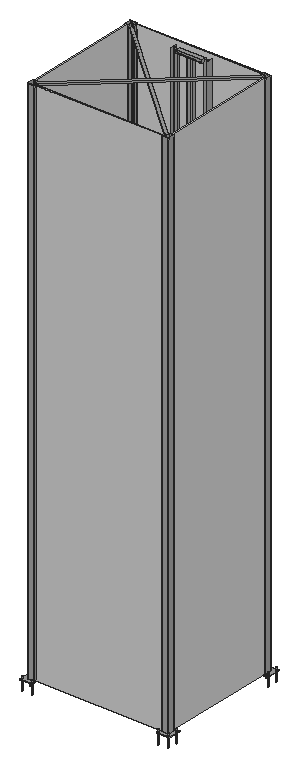
Revit family "1SE_Trez_TC_T_500_With_Pit", category Specialty Equipment, Revit 2019
Family settings
  Round Connector Dimension = Use Diameter
  Part Type = Normal
  Work Plane-Based = No
  Always vertical = Yes
  Cut with Voids When Loaded = Yes
  Shared = No
  Room Calculation Point = No
Parameters (values of type "Platform-1800x1400mm with Door Height 2500mm")
  Side Clearance = 105.0 mm  # constant formula
  Safe Working Load = 500.00 kg  # constant formula
  Safe Space = if(Cabin or Platform = Cabin, 900.0 mm, if(and(Cabin or Platform = Platform, Door Clear Height > 1900.0 mm), 600.0 mm, 0.0 mm))  # 600.0 mm
  Platform = Speciality_Equipment_Trez_Platform_Sgl_C : Platform
  Door Clear Width = Real Width  # 1800.0 mm
  Door Clear Height = 2500.0 mm
  D-Side = yes
  Clear Width = 1800.0 mm
  URL = "https://trez.bg/en/products/goods-only-lift-tc/tc-t-tower/"
  Tower Width = Real Width + 2 * Side Clearance  # 2010.0 mm
  Tower Depth = Real Depth + Side Clearance + Clearance  # 1830.0 mm
  Tower Cladding Material = TREZ_Steel_Cladding
  Real Width = if(Clear Width < 750.0 mm, 750.0 mm, if(Clear Width > 1800.0 mm, 1800.0 mm, Clear Width))  # 1800.0 mm
  Real Depth = if(Clear Depth < 800.0 mm, 800.0 mm, if(Clear Depth > 1400.0 mm, 1400.0 mm, Clear Depth))  # 1400.0 mm
  Profiles Material = TREZ_Steel
  Platform Material = TREZ_Steel
  Pit Height = 120.0 mm  # constant formula
  Travel = 4500.0 mm
  Rail Height = Travel + Pit Height + Headroom  # 7720.0 mm
  Model = "TC T 500"
  Manufacturer = "TREZ Ltd."
  Headroom = Door Clear Height + Safe Space  # 3100.0 mm
  Description = "TC T is the best choice when the budget is small, but the safety requirements are high. TC T is not fixed forever to the building. It can be installed directly on the ground floor and later dismounted and installed in another place. The TC T complies with the machinery directive 2006/42/EC. From the menu below, you can choose the lift and the tower options to fit perfectly for your project."  # constant formula
  Clear Depth = 1400.0 mm
  Created By URL = "https://all1studio.com/"
  Created By = "All 1 Studio Ltd."
  Clearance = 325.0 mm  # constant formula
  Cabin or Platform = Speciality_Equipment_Trez_Platform_Sgl_C : Platform
  Cabin = Speciality_Equipment_Trez_Cabin_Sgl_C : Cabin
  C-Side = 1 = 1  # yes
  B-Side = yes
  A-Side = no
Reference planes
  plane 1 "Center (Front/Back)": y = 0
  plane 2: z = 0
  plane 3 "Center (Left/Right)": x = 0
  plane 4: x = -900
  plane 5: x = 900
  plane 6: y = 700
  plane 7: y = -700
  plane 8: x = 1005
  plane 9: y = 1025
  plane 10: x = -1005
  plane 11: y = -805
  plane 12: x = 950
  plane 13: x = -950
  plane 14: y = 970
  plane 15: y = -750
  plane 16: z = 4500
  plane 17 "Top of Lift": z = 7600
  plane 18 "Pit": z = -120
  plane 19: x = -958.5
  plane 20: x = 958.5
  plane 21: x = -989.032
  plane 22: x = -971.032
  plane 23: y = 1009
  plane 24: y = 991
  plane 25: x = 989
  plane 26: x = 971
  plane 27: y = -789
  plane 28: y = -771
  plane 29: x = -1065
  plane 30: y = 1085
  plane 31: x = 1065
  plane 32: y = -865
  plane 33: z = 7540
  plane 34: z = 40
  plane 35: z = -145
  plane 36: y = 838.5
  plane 37: y = 1235
  plane 38: x = -900
  plane 39: y = -700
  plane 40: x = 900
  plane 41: y = 920
Forms (mm)
  Extrusion 1, solid, material "TREZ_Steel_Cladding" <- "Tower Cladding Material", detail levels coarse+medium
    sketch origin (0, 0, 0) x (1, 0, 0) y (0, 1, 0)
      loop
        line (-1005, -805) -> (-900, -805) -> (-900, -789) -> (900, -789) -> (900, -805) -> (1005, -805) -> (1005, -700) -> (989, -700) -> (989, 920) -> (1005, 920) -> (1005, 1025) -> (900, 1025) -> (900, 1009) -> (-900, 1009) -> (-900, 1025) -> (-1005, 1025) -> (-1005, 920) -> (-989.032, 920) -> (-989.032, -700) -> (-1005, -700) -> (-1005, -805)
      loop
        line (-950, -750) -> (-900, -750) -> (-900, -771) -> (900, -771) -> (900, -750) -> (950, -750) -> (950, -700) -> (971, -700) -> (971, 920) -> (950, 920) -> (950, 970) -> (900, 970) -> (900, 991) -> (-900, 991) -> (-900, 970) -> (-950, 970) -> (-950, 920) -> (-971.032, 920) -> (-971.032, -700) -> (-950, -700) -> (-950, -750)
    from 0 to 7600
  Extrusion 2, void
    sketch origin (0, 0, 0) x (1, 0, 0) y (0, 1, 0)
      loop
        line (-950, 970) -> (-950, -750) -> (950, -750) -> (950, 970) -> (-950, 970)
    from 0 to -120
  Extrusion 3, solid, material "TREZ_Steel" <- "Profiles Material", detail levels fine
    sketch origin (0, 0, 0) x (1, 0, 0) y (0, 1, 0)
      loop
        arc (-1005, -798) -> (-1002.95, -802.95) -> (-998, -805) r 7
        line (-998, -805) -> (-907, -805)
        arc (-907, -805) -> (-902.05, -802.95) -> (-900, -798) r 7
        line (-900, -798) -> (-900, -757)
        arc (-900, -757) -> (-902.05, -752.05) -> (-907, -750) r 7
        line (-907, -750) -> (-943, -750)
        arc (-943, -750) -> (-947.95, -747.95) -> (-950, -743) r 7
        line (-950, -743) -> (-950, -707)
        arc (-950, -707) -> (-952.05, -702.05) -> (-957, -700) r 7
        line (-957, -700) -> (-998, -700)
        arc (-998, -700) -> (-1002.95, -702.05) -> (-1005, -707) r 7
        line (-1005, -707) -> (-1005, -798)
      loop
        line (-903, -798) -> (-903, -757)
        arc (-903, -757) -> (-904.172, -754.172) -> (-907, -753) r 4
        line (-907, -753) -> (-943, -753)
        arc (-943, -753) -> (-950.071, -750.071) -> (-953, -743) r 10
        line (-953, -743) -> (-953, -707)
        arc (-953, -707) -> (-954.172, -704.172) -> (-957, -703) r 4
        line (-957, -703) -> (-998, -703)
        arc (-998, -703) -> (-1000.828, -704.172) -> (-1002, -707) r 4
        line (-1002, -707) -> (-1002, -798)
        arc (-1002, -798) -> (-1000.828, -800.828) -> (-998, -802) r 4
        line (-998, -802) -> (-907, -802)
        arc (-907, -802) -> (-904.172, -800.828) -> (-903, -798) r 4
      loop
        line (1005, -798) -> (1005, -707)
        arc (1005, -707) -> (1002.95, -702.05) -> (998, -700) r 7
        line (998, -700) -> (957, -700)
        arc (957, -700) -> (952.05, -702.05) -> (950, -707) r 7
        line (950, -707) -> (950, -743)
        arc (950, -743) -> (947.95, -747.95) -> (943, -750) r 7
        line (943, -750) -> (907, -750)
        arc (907, -750) -> (902.05, -752.05) -> (900, -757) r 7
        line (900, -757) -> (900, -798)
        arc (900, -798) -> (902.05, -802.95) -> (907, -805) r 7
        line (907, -805) -> (998, -805)
        arc (998, -805) -> (1002.95, -802.95) -> (1005, -798) r 7
      loop
        arc (903, -798) -> (904.172, -800.828) -> (907, -802) r 4
        line (907, -802) -> (998, -802)
        arc (998, -802) -> (1000.828, -800.828) -> (1002, -798) r 4
        line (1002, -798) -> (1002, -707)
        arc (1002, -707) -> (1000.828, -704.172) -> (998, -703) r 4
        line (998, -703) -> (957, -703)
        arc (957, -703) -> (954.172, -704.172) -> (953, -707) r 4
        line (953, -707) -> (953, -743)
        arc (953, -743) -> (950.071, -750.071) -> (943, -753) r 10
        line (943, -753) -> (907, -753)
        arc (907, -753) -> (904.172, -754.172) -> (903, -757) r 4
        line (903, -757) -> (903, -798)
      loop
        line (-1005, 1018) -> (-1005, 927)
        arc (-1005, 927) -> (-1002.95, 922.05) -> (-998, 920) r 7
        line (-998, 920) -> (-957, 920)
        arc (-957, 920) -> (-952.05, 922.05) -> (-950, 927) r 7
        line (-950, 927) -> (-950, 963)
        arc (-950, 963) -> (-947.95, 967.95) -> (-943, 970) r 7
        line (-943, 970) -> (-907, 970)
        arc (-907, 970) -> (-902.05, 972.05) -> (-900, 977) r 7
        line (-900, 977) -> (-900, 1018)
        arc (-900, 1018) -> (-902.05, 1022.95) -> (-907, 1025) r 7
        line (-907, 1025) -> (-998, 1025)
        arc (-998, 1025) -> (-1002.95, 1022.95) -> (-1005, 1018) r 7
      loop
        arc (-903, 1018) -> (-904.172, 1020.828) -> (-907, 1022) r 4
        line (-907, 1022) -> (-998, 1022)
        arc (-998, 1022) -> (-1000.828, 1020.828) -> (-1002, 1018) r 4
        line (-1002, 1018) -> (-1002, 927)
        arc (-1002, 927) -> (-1000.828, 924.172) -> (-998, 923) r 4
        line (-998, 923) -> (-957, 923)
        arc (-957, 923) -> (-954.172, 924.172) -> (-953, 927) r 4
        line (-953, 927) -> (-953, 963)
        arc (-953, 963) -> (-950.071, 970.071) -> (-943, 973) r 10
        line (-943, 973) -> (-907, 973)
        arc (-907, 973) -> (-904.172, 974.172) -> (-903, 977) r 4
        line (-903, 977) -> (-903, 1018)
      loop
        arc (1005, 1018) -> (1002.95, 1022.95) -> (998, 1025) r 7
        line (998, 1025) -> (907, 1025)
        arc (907, 1025) -> (902.05, 1022.95) -> (900, 1018) r 7
        line (900, 1018) -> (900, 977)
        arc (900, 977) -> (902.05, 972.05) -> (907, 970) r 7
        line (907, 970) -> (943, 970)
        arc (943, 970) -> (947.95, 967.95) -> (950, 963) r 7
        line (950, 963) -> (950, 927)
        arc (950, 927) -> (952.05, 922.05) -> (957, 920) r 7
        line (957, 920) -> (998, 920)
        arc (998, 920) -> (1002.95, 922.05) -> (1005, 927) r 7
        line (1005, 927) -> (1005, 1018)
      loop
        line (903, 1018) -> (903, 977)
        arc (903, 977) -> (904.172, 974.172) -> (907, 973) r 4
        line (907, 973) -> (943, 973)
        arc (943, 973) -> (950.071, 970.071) -> (953, 963) r 10
        line (953, 963) -> (953, 927)
        arc (953, 927) -> (954.172, 924.172) -> (957, 923) r 4
        line (957, 923) -> (998, 923)
        arc (998, 923) -> (1000.828, 924.172) -> (1002, 927) r 4
        line (1002, 927) -> (1002, 1018)
        arc (1002, 1018) -> (1000.828, 1020.828) -> (998, 1022) r 4
        line (998, 1022) -> (907, 1022)
        arc (907, 1022) -> (904.172, 1020.828) -> (903, 1018) r 4
    from 5 to 7600
  Extrusion 4, solid, material "TREZ_Steel_Cladding" <- "Tower Cladding Material", detail levels fine
    sketch origin (0, 0, 0) x (1, 0, 0) y (0, 1, 0)
      loop
        line (989, 920) -> (971, 920) -> (971, -700) -> (989, -700) -> (989, 920)
      loop
        line (900, 1009) -> (-900, 1009) -> (-900, 991) -> (900, 991) -> (900, 1009)
      loop
        line (900, -771) -> (-900, -771) -> (-900, -789) -> (900, -789) -> (900, -771)
      loop
        line (-971.032, -700) -> (-971.032, 920) -> (-989.032, 920) -> (-989.032, -700) -> (-971.032, -700)
    from 0 to 7600
  Extrusion 5, solid, material "TREZ_Steel" <- "Profiles Material", detail levels fine
    sketch origin (0, 0, 0) x (1, 0, 0) y (0, 1, 0)
      loop
        arc (-887, -865) -> (-882.05, -862.95) -> (-880, -858) r 7
        line (-880, -858) -> (-880, -805) -> (-900, -805) -> (-900, -750) -> (-950, -750) -> (-950, -700) -> (-1005, -700) -> (-1005, -680) -> (-1058, -680)
        arc (-1058, -680) -> (-1062.95, -682.05) -> (-1065, -687) r 7
        line (-1065, -687) -> (-1065, -858)
        arc (-1065, -858) -> (-1062.95, -862.95) -> (-1058, -865) r 7
        line (-1058, -865) -> (-887, -865)
      loop
        line (887, -865) -> (1058, -865)
        arc (1058, -865) -> (1062.95, -862.95) -> (1065, -858) r 7
        line (1065, -858) -> (1065, -687)
        arc (1065, -687) -> (1062.95, -682.05) -> (1058, -680) r 7
        line (1058, -680) -> (1005, -680) -> (1005, -700) -> (950, -700) -> (950, -750) -> (900, -750) -> (900, -805) -> (880, -805) -> (880, -858)
        arc (880, -858) -> (882.05, -862.95) -> (887, -865) r 7
      loop
        line (-887, 1085) -> (-1058, 1085)
        arc (-1058, 1085) -> (-1062.95, 1082.95) -> (-1065, 1078) r 7
        line (-1065, 1078) -> (-1065, 907)
        arc (-1065, 907) -> (-1062.95, 902.05) -> (-1058, 900) r 7
        line (-1058, 900) -> (-1005, 900) -> (-1005, 920) -> (-950, 920) -> (-950, 970) -> (-900, 970) -> (-900, 1025) -> (-880, 1025) -> (-880, 1078)
        arc (-880, 1078) -> (-882.05, 1082.95) -> (-887, 1085) r 7
      loop
        arc (887, 1085) -> (882.05, 1082.95) -> (880, 1078) r 7
        line (880, 1078) -> (880, 1025) -> (900, 1025) -> (900, 970) -> (950, 970) -> (950, 920) -> (1005, 920) -> (1005, 900) -> (1058, 900)
        arc (1058, 900) -> (1062.95, 902.05) -> (1065, 907) r 7
        line (1065, 907) -> (1065, 1078)
        arc (1065, 1078) -> (1062.95, 1082.95) -> (1058, 1085) r 7
        line (1058, 1085) -> (887, 1085)
    from 5 to 0
  Sweep 6, solid, material "TREZ_Steel" <- "Profiles Material", detail levels fine
    path origin (0, 0, 7600) x (-1, 0, 0) y (0, -1, 0)
      loop
        line (950, 750) -> (-950, -970)
    profile origin (0, 110, 7600) x (-0.671118, 0.741351, 0) y (0, 0, 1)
      loop
        line (15, 0) -> (-15, 0) -> (-15, -30) -> (15, -30) -> (15, 0)
  Sweep 7, solid, material "TREZ_Steel" <- "Profiles Material", detail levels fine
    path origin (0, 0, 7600) x (-1, 0, 0) y (0, -1, 0)
      loop
        line (950, -970) -> (-950, 750)
    profile origin (0, 110, 7600) x (0.671118, 0.741351, 0) y (0, 0, 1)
      loop
        line (-15, -60) -> (15, -60) -> (15, -30) -> (-15, -30) -> (-15, -60)
  Extrusion 8, void
    sketch origin (0, 0, 7600) x (-1, 0, 0) y (0, -1, 0)
      loop
        arc (957, -705) -> (952.05, -707.05) -> (950, -712) r 7
        line (950, -712) -> (950, -963)
        arc (950, -963) -> (947.95, -967.95) -> (943, -970) r 7
        line (943, -970) -> (907, -970)
        arc (907, -970) -> (902.05, -972.05) -> (900, -977) r 7
        line (900, -977) -> (900, -1018)
        arc (900, -1018) -> (902.05, -1022.95) -> (907, -1025) r 7
        line (907, -1025) -> (998, -1025)
        arc (998, -1025) -> (1002.95, -1022.95) -> (1005, -1018) r 7
        line (1005, -1018) -> (1005, -712)
        arc (1005, -712) -> (1002.95, -707.05) -> (998, -705) r 7
        line (998, -705) -> (957, -705)
      loop
        arc (-900, -977) -> (-902.05, -972.05) -> (-907, -970) r 7
        line (-907, -970) -> (-943, -970)
        arc (-943, -970) -> (-947.95, -967.95) -> (-950, -963) r 7
        line (-950, -963) -> (-950, -712)
        arc (-950, -712) -> (-952.05, -707.05) -> (-957, -705) r 7
        line (-957, -705) -> (-998, -705)
        arc (-998, -705) -> (-1002.95, -707.05) -> (-1005, -712) r 7
        line (-1005, -712) -> (-1005, -1018)
        arc (-1005, -1018) -> (-1002.95, -1022.95) -> (-998, -1025) r 7
        line (-998, -1025) -> (-907, -1025)
        arc (-907, -1025) -> (-902.05, -1022.95) -> (-900, -1018) r 7
        line (-900, -1018) -> (-900, -977)
      loop
        arc (-957, 665) -> (-952.05, 667.05) -> (-950, 672) r 7
        line (-950, 672) -> (-950, 743)
        arc (-950, 743) -> (-947.95, 747.95) -> (-943, 750) r 7
        line (-943, 750) -> (-907, 750)
        arc (-907, 750) -> (-902.05, 752.05) -> (-900, 757) r 7
        line (-900, 757) -> (-900, 798)
        arc (-900, 798) -> (-902.05, 802.95) -> (-907, 805) r 7
        line (-907, 805) -> (-998, 805)
        arc (-998, 805) -> (-1002.95, 802.95) -> (-1005, 798) r 7
        line (-1005, 798) -> (-1005, 672)
        arc (-1005, 672) -> (-1002.95, 667.05) -> (-998, 665) r 7
        line (-998, 665) -> (-957, 665)
      loop
        arc (950, 672) -> (952.05, 667.05) -> (957, 665) r 7
        line (957, 665) -> (998, 665)
        arc (998, 665) -> (1002.95, 667.05) -> (1005, 672) r 7
        line (1005, 672) -> (1005, 798)
        arc (1005, 798) -> (1002.95, 802.95) -> (998, 805) r 7
        line (998, 805) -> (907, 805)
        arc (907, 805) -> (902.05, 802.95) -> (900, 798) r 7
        line (900, 798) -> (900, 757)
        arc (900, 757) -> (902.05, 752.05) -> (907, 750) r 7
        line (907, 750) -> (943, 750)
        arc (943, 750) -> (947.95, 747.95) -> (950, 743) r 7
        line (950, 743) -> (950, 672)
    from -60 to 0
  Extrusion 9, solid, material "TREZ_Steel" <- "Profiles Material", detail levels fine
    sketch origin (0, 0, 0) x (1, 0, 0) y (0, 1, 0)
      loop
        circle (-1040.697, -849.303) r 6
      loop
        circle (-895.697, -849.303) r 6
      loop
        circle (-1040.697, -704.303) r 6
      loop
        circle (1040.697, -849.303) r 6
      loop
        circle (895.697, -849.303) r 6
      loop
        circle (1040.697, -704.303) r 6
      loop
        circle (-1040.697, 1069.303) r 6
      loop
        circle (-895.697, 1069.303) r 6
      loop
        circle (-1040.697, 924.303) r 6
      loop
        circle (1040.697, 1069.303) r 6
      loop
        circle (895.697, 1069.303) r 6
      loop
        circle (1040.697, 924.303) r 6
    from -145 to 40
Cuts and joins
  Extrusion 2 cuts Extrusion 1
  Extrusion 8 cuts Sweep 6
  Extrusion 8 cuts Sweep 7
  joined: Extrusion 5, Extrusion 9
Lines and regions (mm)
  symbolic lines, style "Profiles"
    curve 1: line (-1005, 1025, 0) -> (-900, 1025, 0)
    curve 2: line (-900, 1025, 0) -> (-900, 970, 0)
    curve 3: line (-900, 970, 0) -> (-950, 970, 0)
    curve 4: line (-950, 970, 0) -> (-950, 920, 0)
    curve 5: line (-950, 920, 0) -> (-1005, 920, 0)
    curve 6: line (-1005, 920, 0) -> (-1005, 1025, 0)
    curve 7: line (900, 1025, 0) -> (1005, 1025, 0)
    curve 8: line (1005, 1025, 0) -> (1005, 920, 0)
    curve 9: line (1005, 920, 0) -> (950, 920, 0)
    curve 10: line (950, 920, 0) -> (950, 970, 0)
    curve 11: line (950, 970, 0) -> (900, 970, 0)
    curve 12: line (900, 970, 0) -> (900, 1025, 0)
    curve 13: line (-1005, -700, 0) -> (-950, -700, 0)
    curve 14: line (-950, -700, 0) -> (-950, -750, 0)
    curve 15: line (-950, -750, 0) -> (-900, -750, 0)
    curve 16: line (-900, -750, 0) -> (-900, -805, 0)
    curve 17: line (-900, -805, 0) -> (-1005, -805, 0)
    curve 18: line (-1005, -805, 0) -> (-1005, -700, 0)
    curve 19: line (900, -750, 0) -> (950, -750, 0)
    curve 20: line (950, -750, 0) -> (950, -700, 0)
    curve 21: line (950, -700, 0) -> (1005, -700, 0)
    curve 22: line (1005, -700, 0) -> (1005, -805, 0)
    curve 23: line (1005, -805, 0) -> (900, -805, 0)
    curve 24: line (900, -750, 0) -> (900, -805, 0)
    curve 25: line (989, 920, 0) -> (971, 920, 0)
    curve 26: line (989, -700, 0) -> (989, 920, 0)
    curve 27: line (971, -700, 0) -> (989, -700, 0)
    curve 28: line (971, 920, 0) -> (971, -700, 0)
    curve 29: line (900, -771, 0) -> (-900, -771, 0)
    curve 30: line (900, -789, 0) -> (900, -771, 0)
    curve 31: line (-900, -789, 0) -> (900, -789, 0)
    curve 32: line (-900, -771, 0) -> (-900, -789, 0)
    curve 33: line (-971.032, -700, 0) -> (-989.032, -700, 0)
    curve 34: line (-971.032, 920, 0) -> (-971.032, -700, 0)
    curve 35: line (-989.032, 920, 0) -> (-971.032, 920, 0)
    curve 36: line (-989.032, -700, 0) -> (-989.032, 920, 0)
    curve 37: line (-900, 991, 0) -> (900, 991, 0)
    curve 38: line (-900, 1009, 0) -> (-900, 991, 0)
    curve 39: line (900, 1009, 0) -> (-900, 1009, 0)
    curve 40: line (900, 991, 0) -> (900, 1009, 0)
  symbolic lines, style "Platform"
    curve 41: line (-900, 700, 0) -> (900, 700, 0)
    curve 42: line (-900, -700, 0) -> (-900, 700, 0)
    curve 43: line (900, -700, 0) -> (-900, -700, 0)
    curve 44: line (900, 700, 0) -> (900, -700, 0)
    curve 45: line (-900, 700, 0) -> (900, -700, 0)
    curve 46: line (900, 700, 0) -> (-900, -700, 0)
  model lines, style "Profiles", detail levels coarse+medium
    curve 47: line (-950, 970, 7600) -> (950, -750, 7600)
    curve 48: line (950, 970, 7600) -> (-950, -750, 7600)
Dimensions and locks
  equal spacing: plane 4, plane 3 "Center (Left/Right)", plane 5
  "Real Width": plane 4 to plane 5
  equal spacing: plane 7, plane 1 "Center (Front/Back)", plane 6
  "Real Depth": plane 7 to plane 6
  "Side Clearance": plane 7 to plane 11
  locked: plane 12 to plane 8 at 55
  locked: plane 10 to plane 13 at 55
  locked: plane 14 to plane 9 at 55
  locked: plane 15 to plane 11 at 55
  "Travel": plane 16 to level
  "Pit Height": level to plane 18 "Pit"
  locked: plane 10 to plane 19 at 46.5
  locked: plane 20 to plane 8 at 46.5
  plane 10 to plane 21 to plane 22 = 15.968 mm locked, 18.0 mm locked
  plane 24 to plane 23 to plane 9 = 18.0 mm locked, 16.0 mm locked
  plane 26 to plane 25 to plane 8 = 18.0 mm locked, 16.0 mm locked
  plane 28 to plane 27 to plane 11 = 18.0 mm locked, 16.0 mm locked
  locked: plane 29 to plane 10 at 60
  locked: plane 9 to plane 30 at 60
  locked: plane 8 to plane 31 at 60
  locked: plane 11 to plane 32 at 60
  "Headroom": plane 17 "Top of Lift" to plane 16
  locked: plane 17 "Top of Lift" to plane 33 at 60
  locked: plane 34 to level at 40
  locked: level to plane 35 at 145
  "Clearance": plane 6 to plane 9
  locked: plane 36 to plane 9 at 186.5
  locked: plane 9 to plane 37 at 210
  "Side Clearance": plane 10 to plane 4
  "Side Clearance": plane 5 to plane 8
  locked: plane 10 to plane 38 at 105
  locked: plane 39 to plane 11 at 105
  locked: plane 40 to plane 8 at 105
  locked: plane 41 to plane 9 at 105
  plane 9 to plane 11 = 1830.0 mm
  plane 10 to plane 8 = 2010.0 mm
  aligned and locked: level to plane 2
  aligned and locked: plane 10 to Extrusion 1 sketch curve
  aligned and locked: plane 13 to Extrusion 1 sketch curve
  aligned and locked: plane 17 "Top of Lift" to Extrusion 1
  aligned and locked: plane 15 to Extrusion 2 sketch curve
  aligned and locked: plane 14 to Extrusion 2 sketch curve
  aligned and locked: Extrusion 2 to plane 18 "Pit"
  aligned and locked: plane 1 "Center (Front/Back)" to nested 1
  aligned and locked: plane 3 "Center (Left/Right)" to nested 1
  aligned and locked: plane 17 "Top of Lift" to Extrusion 3
  aligned and locked: Extrusion 4 sketch curve to plane 25
  aligned and locked: plane 26 to Extrusion 4 sketch curve
  aligned and locked: Extrusion 4 sketch curve to plane 23
  aligned and locked: plane 24 to Extrusion 4 sketch curve
  aligned and locked: plane 28 to Extrusion 4 sketch curve
  aligned and locked: Extrusion 4 sketch curve to plane 27
  aligned and locked: Extrusion 4 sketch curve to plane 22
  aligned and locked: plane 21 to Extrusion 4 sketch curve
  aligned and locked: plane 17 "Top of Lift" to Extrusion 4
  aligned and locked: plane 14 to Sweep 6 sketch curve
  aligned and locked: plane 12 to Sweep 6 sketch curve
  aligned and locked: plane 13 to Sweep 6 sketch curve
  aligned and locked: plane 15 to Sweep 6 sketch curve
  aligned and locked: plane 12 to Sweep 7 sketch curve
  aligned and locked: plane 15 to Sweep 7 sketch curve
  aligned and locked: plane 14 to Sweep 7 sketch curve
  aligned and locked: plane 13 to Sweep 7 sketch curve
  aligned and locked: plane 33 to Extrusion 8
  aligned and locked: plane 17 "Top of Lift" to Extrusion 8
  aligned and locked: Extrusion 9 to plane 35
  aligned and locked: plane 34 to Extrusion 9
  aligned and locked: plane 16 to nested 1
  aligned and locked: nested 3 to plane 3 "Center (Left/Right)"
  aligned and locked: plane 36 to nested 3
  aligned and locked: nested 2 to plane 3 "Center (Left/Right)"
  aligned and locked: nested 2 to plane 37
  aligned and locked: plane 4 to curve 42
  aligned and locked: Extrusion 4 sketch curve to plane 40
  aligned and locked: plane 13 to Extrusion 2 sketch curve
  aligned and locked: plane 12 to Extrusion 2 sketch curve
Automatic sketch dimensions
  plane 9 to Extrusion 8 sketch curve = 0.0 mm  (x2)
  plane 14 to Extrusion 8 sketch curve = 0.0 mm  (x2)
  Extrusion 8 sketch curve to plane 13 = 0.0 mm  (x2)
  Extrusion 8 sketch curve to plane 10 = 0.0 mm  (x2)
  Extrusion 8 sketch curve to Extrusion 8 sketch curve = 7.0 mm  (x9)
  plane 13 to Extrusion 8 sketch curve = 43.0 mm
  Extrusion 8 sketch curve to Extrusion 8 sketch curve = 36.0 mm  (x2)
  plane 19 to Extrusion 8 sketch curve = 1.5 mm  (x2)
  plane 10 to Extrusion 8 sketch curve = 7.0 mm
  Extrusion 8 sketch curve to plane 6 = 12.0 mm
  Extrusion 8 sketch curve to plane 8 = 0.0 mm  (x2)
  Extrusion 8 sketch curve to plane 12 = 0.0 mm  (x2)
  Extrusion 8 sketch curve to plane 6 = 5.0 mm
  plane 8 to Extrusion 8 sketch curve = 7.0 mm  (x3)
  plane 20 to Extrusion 8 sketch curve = 1.5 mm  (x2)
  Extrusion 8 sketch curve to plane 14 = 7.0 mm
  Extrusion 8 sketch curve to plane 11 = 0.0 mm  (x2)
  Extrusion 8 sketch curve to plane 15 = 0.0 mm  (x2)
  plane 12 to Extrusion 8 sketch curve = 7.0 mm
  plane 11 to Extrusion 8 sketch curve = 7.0 mm  (x2)
  plane 12 to Extrusion 8 sketch curve = 43.0 mm
  Extrusion 8 sketch curve to plane 15 = 7.0 mm
  plane 7 to Extrusion 8 sketch curve = 35.0 mm  (x2)
  plane 13 to Extrusion 8 sketch curve = 50.0 mm
  plane 13 to Extrusion 8 sketch curve = 7.0 mm
  curve 47 to plane 12 = 0.0 mm
  curve 48 to plane 12 = 0.0 mm
  curve 48 to plane 13 = 0.0 mm
  curve 47 to plane 13 = 0.0 mm
  plane 14 to curve 48 = 0.0 mm
  plane 14 to curve 47 = 0.0 mm
  curve 48 to plane 15 = 0.0 mm
  curve 47 to plane 15 = 0.0 mm
  plane 17 "Top of Lift" to Sweep 6 sketch curve = 0.0 mm
  profile plane to Sweep 6 sketch curve = 15.0 mm
  Sweep 6 sketch curve to profile plane = 15.0 mm
  Sweep 6 sketch curve to Sweep 6 sketch curve = 30.0 mm
  profile plane to Sweep 7 sketch curve = 15.0 mm
  Sweep 7 sketch curve to profile plane = 15.0 mm
  Sweep 7 sketch curve to plane 17 "Top of Lift" = 60.0 mm
  Sweep 7 sketch curve to plane 17 "Top of Lift" = 30.0 mm
  Extrusion 3 sketch curve to Extrusion 3 sketch curve = 0.0 mm  (x48)
  Extrusion 3 sketch curve to plane 10 = 0.0 mm  (x2)
  Extrusion 3 sketch curve to plane 11 = 0.0 mm  (x2)
  plane 41 to Extrusion 3 sketch curve = 0.0 mm  (x2)
  plane 9 to Extrusion 3 sketch curve = 0.0 mm  (x2)
  plane 39 to Extrusion 3 sketch curve = 0.0 mm  (x2)
  Extrusion 3 sketch curve to plane 13 = 0.0 mm  (x2)
  plane 14 to Extrusion 3 sketch curve = 0.0 mm  (x2)
  Extrusion 3 sketch curve to plane 15 = 0.0 mm  (x2)
  Extrusion 3 sketch curve to plane 38 = 0.0 mm  (x2)
  Extrusion 3 sketch curve to plane 40 = 0.0 mm  (x2)
  Extrusion 3 sketch curve to plane 12 = 0.0 mm  (x2)
  Extrusion 3 sketch curve to plane 8 = 0.0 mm  (x2)
  Extrusion 3 sketch curve to Extrusion 3 sketch curve = 3.0 mm  (x2)
  plane 10 to Extrusion 3 sketch curve = 3.0 mm
  plane 10 to Extrusion 3 sketch curve = 7.0 mm  (x2)
  Extrusion 3 sketch curve to Extrusion 3 sketch curve = 4.0 mm  (x12)
  plane 19 to Extrusion 3 sketch curve = 1.5 mm  (x2)
  Extrusion 3 sketch curve to Extrusion 3 sketch curve = 7.0 mm  (x2)
  plane 13 to Extrusion 3 sketch curve = 7.0 mm
  Extrusion 3 sketch curve to plane 40 = 3.0 mm
  Extrusion 3 sketch curve to plane 40 = 7.0 mm
  plane 12 to Extrusion 3 sketch curve = 7.0 mm
  plane 20 to Extrusion 3 sketch curve = 1.5 mm  (x2)
  plane 8 to Extrusion 3 sketch curve = 7.0 mm
  plane 9 to curve 1 = 0.0 mm
  curve 1 to plane 10 = 0.0 mm
  curve 13 to plane 10 = 0.0 mm
  curve 35 to plane 21 = 0.0 mm
  curve 34 to plane 22 = 0.0 mm
  curve 5 to plane 13 = 0.0 mm
  curve 14 to plane 13 = 0.0 mm
  curve 16 to plane 15 = 0.0 mm
  curve 16 to plane 38 = 0.0 mm
  plane 23 to curve 38 = 0.0 mm
  curve 38 to plane 38 = 0.0 mm
  curve 32 to plane 27 = 0.0 mm
  curve 32 to plane 38 = 0.0 mm
  curve 1 to plane 38 = 0.0 mm
  curve 45 to plane 5 = 0.0 mm
  plane 24 to curve 40 = 0.0 mm
  curve 40 to plane 40 = 0.0 mm
  plane 9 to curve 7 = 0.0 mm
  curve 7 to plane 40 = 0.0 mm
  curve 24 to plane 11 = 0.0 mm
  curve 24 to plane 40 = 0.0 mm
  curve 29 to plane 28 = 0.0 mm
  curve 29 to plane 40 = 0.0 mm
  curve 19 to plane 12 = 0.0 mm
  curve 10 to plane 12 = 0.0 mm
  curve 25 to plane 26 = 0.0 mm
  curve 26 to plane 25 = 0.0 mm
  curve 22 to plane 8 = 0.0 mm
  curve 7 to plane 8 = 0.0 mm
  curve 16 to plane 11 = 0.0 mm
  curve 19 to plane 15 = 0.0 mm
  plane 39 to curve 13 = 0.0 mm
  plane 39 to curve 26 = 0.0 mm
  plane 39 to curve 33 = 0.0 mm
  plane 39 to curve 22 = 0.0 mm
  plane 41 to curve 25 = 0.0 mm
  plane 41 to curve 10 = 0.0 mm
  plane 41 to curve 36 = 0.0 mm
  plane 41 to curve 4 = 0.0 mm
  plane 14 to curve 12 = 0.0 mm
  plane 14 to curve 4 = 0.0 mm
  Extrusion 1 sketch curve to plane 10 = 0.0 mm
  Extrusion 1 sketch curve to plane 21 = 0.0 mm
  Extrusion 1 sketch curve to plane 22 = 0.0 mm
  Extrusion 1 sketch curve to plane 13 = 0.0 mm
  Extrusion 1 sketch curve to plane 15 = 0.0 mm  (x2)
  Extrusion 1 sketch curve to plane 38 = 0.0 mm  (x4)
  plane 24 to Extrusion 1 sketch curve = 0.0 mm
  Extrusion 1 sketch curve to plane 11 = 0.0 mm  (x2)
  plane 9 to Extrusion 1 sketch curve = 0.0 mm  (x2)
  Extrusion 1 sketch curve to plane 40 = 0.0 mm  (x4)
  plane 23 to Extrusion 1 sketch curve = 0.0 mm
  Extrusion 1 sketch curve to plane 12 = 0.0 mm  (x2)
  Extrusion 1 sketch curve to plane 26 = 0.0 mm
  Extrusion 1 sketch curve to plane 25 = 0.0 mm
  Extrusion 1 sketch curve to plane 8 = 0.0 mm  (x2)
  Extrusion 1 sketch curve to plane 27 = 0.0 mm
  Extrusion 1 sketch curve to plane 28 = 0.0 mm
  plane 39 to Extrusion 1 sketch curve = 0.0 mm  (x4)
  plane 41 to Extrusion 1 sketch curve = 0.0 mm  (x4)
  plane 14 to Extrusion 1 sketch curve = 0.0 mm  (x2)
  Extrusion 5 sketch curve to plane 29 = 0.0 mm  (x2)
  plane 30 to Extrusion 5 sketch curve = 0.0 mm  (x2)
  Extrusion 5 sketch curve to plane 32 = 0.0 mm  (x2)
  Extrusion 5 sketch curve to plane 10 = 0.0 mm  (x2)
  Extrusion 5 sketch curve to plane 13 = 0.0 mm  (x2)
  Extrusion 5 sketch curve to plane 11 = 0.0 mm  (x2)
  Extrusion 5 sketch curve to plane 38 = 0.0 mm  (x2)
  plane 14 to Extrusion 5 sketch curve = 0.0 mm  (x2)
  plane 9 to Extrusion 5 sketch curve = 0.0 mm  (x2)
  Extrusion 5 sketch curve to plane 40 = 0.0 mm  (x2)
  Extrusion 5 sketch curve to plane 15 = 0.0 mm  (x2)
  Extrusion 5 sketch curve to plane 12 = 0.0 mm  (x2)
  Extrusion 5 sketch curve to plane 8 = 0.0 mm  (x2)
  Extrusion 5 sketch curve to plane 31 = 0.0 mm  (x2)
  plane 39 to Extrusion 5 sketch curve = 0.0 mm  (x2)
  plane 41 to Extrusion 5 sketch curve = 0.0 mm  (x2)
  Extrusion 5 sketch curve to Extrusion 5 sketch curve = 7.0 mm  (x3)
  plane 29 to Extrusion 5 sketch curve = 7.0 mm  (x3)
  plane 38 to Extrusion 5 sketch curve = 13.0 mm  (x2)
  Extrusion 5 sketch curve to Extrusion 5 sketch curve = 20.0 mm  (x3)
  plane 40 to Extrusion 5 sketch curve = 20.0 mm
  plane 31 to Extrusion 5 sketch curve = 7.0 mm  (x4)
  Extrusion 5 sketch curve to plane 39 = 13.0 mm  (x2)
  plane 41 to Extrusion 5 sketch curve = 20.0 mm  (x2)
  plane 29 to Extrusion 9 sketch curve = 24.303 mm  (x4)
  plane 39 to Extrusion 9 sketch curve = 4.303 mm  (x2)
  Extrusion 9 sketch curve to plane 41 = 4.303 mm  (x2)
  plane 38 to Extrusion 9 sketch curve = 4.303 mm  (x2)
  plane 40 to Extrusion 9 sketch curve = 4.303 mm  (x2)
  plane 31 to Extrusion 9 sketch curve = 24.303 mm  (x4)
  plane 32 to Extrusion 9 sketch curve = 15.697 mm  (x4)
  plane 30 to Extrusion 9 sketch curve = 15.697 mm  (x4)
  Extrusion 4 sketch curve to plane 4 = 0.0 mm  (x2)
  Extrusion 4 sketch curve to plane 5 = 0.0 mm
  Extrusion 4 sketch curve to plane 7 = 0.0 mm  (x2)
  plane 41 to Extrusion 4 sketch curve = 0.0 mm  (x2)
  plane 6 to curve 46 = 0.0 mm
  curve 42 to plane 7 = 0.0 mm
  radius of Extrusion 9 sketch curve = 6.0 mm  (x12)
Nested families
  nested 1: "Speciality_Equipment_Trez_Platform_Sgl_C" at (0, 0, 4500), type <- "Cabin or Platform", type "Platform"
    with Width 1800.0 mm, Depth 1400.0 mm, D-Side yes, B-Side yes
  nested 2: "Electrical_Equpment_Trez_Cabinet" at (0, 1235, 0) x (-1, 0, 0) z (0, 0, 1), type "Cabinet"
  nested 3: "Generic_Model_Trez_Rails_Sgl_C" at (0, 838.5, -120) x (0, -1, 0) z (0, 0, 1), type "Rails"
Definition of nested family "Speciality_Equipment_Trez_Platform_Sgl_C"
  Parameters (values of type "Platform")
    Width = 1300.0 mm
    Platform Material = none
    Depth = 1000.0 mm
    D-Side = no
    C-Side = yes
    B-Side = no
    A-Side = no
  Reference planes
    plane 1 "Center (Front/Back)": y = 0
    plane 2 "Bottom": z = 0
    plane 3 "Center (Left/Right)": x = 0
    plane 4: x = 650
    plane 5: x = -650
    plane 6: y = 500
    plane 7: y = -500
    plane 8: y = 535
    plane 9: z = -89
    plane 10: z = 709
    plane 11: x = -685
    plane 12: x = 685
    plane 13: y = -535
  Forms (mm)
    Extrusion 1, solid, material <- "Platform Material", visible <- "C-Side"
      sketch origin (0, 0, 0) x (1, 0, 0) y (0, 1, 0)
        loop
          line (-650, 535) -> (-650, 500) -> (650, 500) -> (650, 535) -> (-650, 535)
      from -89 to 709
    Extrusion 2, solid, material <- "Platform Material", detail levels coarse+medium
      sketch origin (0, 0, 0) x (1, 0, 0) y (0, 0, 1)
        loop
          line (-650, 0) -> (-650, -89) -> (650, -89) -> (650, 0) -> (-650, 0)
      from -500 to 500
    Extrusion 3, solid, material <- "Platform Material", detail levels fine
      sketch origin (0, 0, 0) x (1, 0, 0) y (0, 0, 1)
        loop
          line (-650, 0) -> (-650, -74)
          arc (-650, -74) -> (-645.607, -84.607) -> (-635, -89) r 15
          line (-635, -89) -> (635, -89)
          arc (635, -89) -> (645.607, -84.607) -> (650, -74) r 15
          line (650, -74) -> (650, 0) -> (-650, 0)
      from -500 to 500
    Extrusion 4, solid, material <- "Platform Material", visible <- "A-Side"
      sketch origin (0, -1035, 0) x (1, 0, 0) y (0, 1, 0)
        loop
          line (-650, 535) -> (-650, 500) -> (650, 500) -> (650, 535) -> (-650, 535)
      from -89 to 709
    Extrusion 5, solid, material <- "Platform Material", visible <- "D-Side"
      sketch origin (31.413, 20.624, 0) x (0, -1, 0) y (1, 0, 0)
        loop
          line (-514.376, 653.587) -> (-514.376, 618.587) -> (555.624, 618.587) -> (555.624, 653.587) -> (-514.376, 653.587)
      from -89 to 709
    Extrusion 6, solid, material <- "Platform Material", visible <- "B-Side"
      sketch origin (-1003.587, 20.624, 0) x (0, -1, 0) y (1, 0, 0)
        loop
          line (-514.376, 353.587) -> (-514.376, 318.587) -> (555.624, 318.587) -> (555.624, 353.587) -> (-514.376, 353.587)
      from -89 to 709
  Dimensions and locks
    equal spacing: plane 5, plane 3 "Center (Left/Right)", plane 4
    "Width": plane 5 to plane 4
    equal spacing: plane 7, plane 1 "Center (Front/Back)", plane 6
    "Depth": plane 6 to plane 7
    locked: plane 8 to plane 6 at 35
    locked: plane 2 "Bottom" to plane 9 at 89
    locked: plane 10 to plane 2 "Bottom" at 709
    locked: plane 11 to plane 5 at 35
    locked: plane 4 to plane 12 at 35
    locked: plane 13 to plane 7 at 35
    aligned and locked: level to plane 2 "Bottom"
    aligned and locked: Extrusion 1 sketch curve to plane 8
    aligned and locked: Extrusion 2 sketch curve to plane 2 "Bottom"
    aligned and locked: Extrusion 2 sketch curve to plane 9
    aligned and locked: plane 6 to Extrusion 2
    aligned and locked: plane 7 to Extrusion 2
    aligned and locked: Extrusion 3 sketch curve to plane 2 "Bottom"
    aligned and locked: Extrusion 3 sketch curve to plane 9
    aligned and locked: plane 7 to Extrusion 3
    aligned and locked: plane 6 to Extrusion 3
    aligned and locked: Extrusion 1 to plane 9
    aligned and locked: plane 5 to Extrusion 3
    aligned and locked: plane 5 to Extrusion 2
    aligned and locked: plane 5 to Extrusion 1
    aligned and locked: plane 4 to Extrusion 3
    aligned and locked: plane 4 to Extrusion 2
    aligned and locked: plane 4 to Extrusion 1
    aligned and locked: Extrusion 4 to plane 7
    aligned and locked: plane 13 to Extrusion 4
    aligned and locked: plane 4 to Extrusion 4
    aligned and locked: plane 5 to Extrusion 4
    aligned and locked: plane 12 to Extrusion 5
    aligned and locked: Extrusion 5 to plane 4
    aligned and locked: plane 8 to Extrusion 5
    aligned and locked: plane 13 to Extrusion 5
    aligned and locked: plane 11 to Extrusion 6
    aligned and locked: Extrusion 6 to plane 5
    aligned and locked: plane 8 to Extrusion 6
    aligned and locked: plane 13 to Extrusion 6
  Automatic sketch dimensions
    Extrusion 1 sketch curve to plane 5 = 0.0 mm
    Extrusion 1 sketch curve to plane 4 = 0.0 mm
    Extrusion 1 sketch curve to plane 6 = 0.0 mm
    plane 5 to Extrusion 2 sketch curve = 0.0 mm
    Extrusion 2 sketch curve to plane 4 = 0.0 mm
    plane 5 to Extrusion 3 sketch curve = 0.0 mm
    Extrusion 3 sketch curve to plane 4 = 0.0 mm
    Extrusion 3 sketch curve to plane 5 = 15.0 mm
    Extrusion 3 sketch curve to plane 4 = 15.0 mm
    Extrusion 4 sketch curve to plane 5 = 0.0 mm
    Extrusion 4 sketch curve to plane 4 = 0.0 mm
    plane 13 to Extrusion 4 sketch curve = 0.0 mm
    plane 7 to Extrusion 4 sketch curve = 0.0 mm
    plane 8 to Extrusion 5 sketch curve = 0.0 mm
    plane 13 to Extrusion 5 sketch curve = 0.0 mm
    Extrusion 5 sketch curve to plane 12 = 35.0 mm
    Extrusion 5 sketch curve to Extrusion 5 sketch curve = 35.0 mm
    plane 8 to Extrusion 6 sketch curve = 0.0 mm
    plane 13 to Extrusion 6 sketch curve = 0.0 mm
    Extrusion 6 sketch curve to plane 12 = 1370.0 mm
    Extrusion 6 sketch curve to Extrusion 6 sketch curve = 35.0 mm
Definition of nested family "Electrical_Equpment_Trez_Cabinet"
  Parameters (values of type "SE_Trez_Cabinet")
    Width = 584.0 mm
    Depth = 348.0 mm
    Cabinet Material = none
  Reference planes
    plane 1 "Center (Front/Back)": y = 0
    plane 2: z = 0
    plane 3 "Center (Left/Right)": x = 0
    plane 4: x = -292
    plane 5: x = 292
    plane 6: y = 174
    plane 7: y = -174
    plane 8: z = 100
    plane 9: z = 1000
    plane 10: x = -257
    plane 11: x = 257
  Forms (mm)
    Extrusion 1, solid, material <- "Cabinet Material", detail levels fine
      sketch origin (0, 0, 0) x (1, 0, 0) y (0, 1, 0)
        loop
          line (-292, 174) -> (-292, -174) -> (292, -174) -> (292, 174) -> (-292, 174)
      from 100 to 1000
    Extrusion 2, solid, material <- "Cabinet Material", detail levels fine
      sketch origin (0, 0, 0) x (1, 0, 0) y (0, 1, 0)
        loop
          line (-257, 174) -> (-292, 174) -> (-292, -174) -> (-257, -174) -> (-257, 174)
        loop
          line (257, 174) -> (257, -174) -> (292, -174) -> (292, 174) -> (257, 174)
      from 0 to 100
    Extrusion 3, solid, detail levels coarse+medium
      sketch origin (0, 0, 0) x (1, 0, 0) y (0, 1, 0)
        loop
          line (-292, 174) -> (-292, -174) -> (292, -174) -> (292, 174) -> (-292, 174)
      from 0 to 1000
  Lines and regions (mm)
    symbolic lines
      curve 1: line (-292, 174, 0) -> (292, 174, 0)
      curve 2: line (-292, -174, 0) -> (-292, 174, 0)
      curve 3: line (292, -174, 0) -> (-292, -174, 0)
      curve 4: line (292, 174, 0) -> (292, -174, 0)
  Dimensions and locks
    equal spacing: plane 4, plane 3 "Center (Left/Right)", plane 5
    "Width": plane 4 to plane 5
    equal spacing: plane 7, plane 1 "Center (Front/Back)", plane 6
    "Depth": plane 7 to plane 6
    plane 9 to plane 8 to plane 2 = 900.0 mm locked, 100.0 mm locked
    aligned and locked: level to plane 2
    aligned and locked: plane 6 to Extrusion 1 sketch curve
    aligned and locked: plane 4 to Extrusion 1 sketch curve
    aligned and locked: plane 7 to Extrusion 1 sketch curve
    aligned and locked: plane 5 to Extrusion 1 sketch curve
    aligned and locked: plane 9 to Extrusion 1
    aligned and locked: Extrusion 1 to plane 8
    aligned and locked: Extrusion 2 sketch curve to plane 6
    aligned and locked: plane 10 to Extrusion 2 sketch curve
    aligned and locked: Extrusion 2 sketch curve to Extrusion 1  (x4)
    aligned and locked: plane 6 to Extrusion 2 sketch curve
    aligned and locked: Extrusion 2 sketch curve to plane 11
    aligned and locked: plane 8 to Extrusion 2
    aligned and locked: Extrusion 2 to level
    aligned and locked: Extrusion 3 sketch curve to Extrusion 1  (x4)
    aligned and locked: Extrusion 3 to plane 2
    aligned and locked: plane 9 to Extrusion 3
    aligned and locked: curve 1 to Extrusion 1
    aligned and locked: curve 2 to Extrusion 1
    aligned and locked: curve 3 to Extrusion 1
    aligned and locked: curve 4 to Extrusion 1
Definition of nested family "Generic_Model_Trez_Rails_Sgl_C"
  Parameters (values of type "Rails")
    Profiles Material = none
    Height = 7720.0 mm
  Reference planes
    plane 1 "Center (Front/Back)": y = 0
    plane 2: z = 0
    plane 3 "Center (Left/Right)": x = 0
    plane 4: x = 87.2
    plane 5: x = -87.2
    plane 6: y = 350
    plane 7: y = -350
    plane 8: z = 7720
    plane 9: z = 15
    plane 10: z = 7685
    plane 11: z = -95
  Forms (mm)
    Extrusion 1, solid, material <- "Profiles Material", detail levels fine
      sketch origin (0, 0, 0) x (1, 0, 0) y (0, 1, 0)
        loop
          line (77.2, 350) -> (-77.2, 350)
          arc (-77.2, 350) -> (-84.271, 347.071) -> (-87.2, 340) r 10
          line (-87.2, 340) -> (-87.2, -340)
          arc (-87.2, -340) -> (-84.271, -347.071) -> (-77.2, -350) r 10
          line (-77.2, -350) -> (77.2, -350)
          arc (77.2, -350) -> (84.271, -347.071) -> (87.2, -340) r 10
          line (87.2, -340) -> (87.2, 340)
          arc (87.2, 340) -> (84.271, 347.071) -> (77.2, 350) r 10
      from 0 to 15
    Extrusion 2, solid, material <- "Profiles Material", detail levels fine
      sketch origin (0, 0, 0) x (1, 0, 0) y (0, 1, 0)
        loop
          line (-61.5, -260) -> (28.5, -260) -> (28.5, -252) -> (-3.5, -252)
          arc (-3.5, -252) -> (-7.036, -250.536) -> (-8.5, -247) r 5
          line (-8.5, -247) -> (-8.5, -185) -> (-24.5, -185) -> (-24.5, -247)
          arc (-24.5, -247) -> (-25.964, -250.536) -> (-29.5, -252) r 5
          line (-29.5, -252) -> (-61.5, -252) -> (-61.5, -260)
        loop
          line (-37.94, -40) -> (-1.94, -40)
          arc (-1.94, -40) -> (8.667, -35.607) -> (13.06, -25) r 15
          line (13.06, -25) -> (13.06, 25)
          arc (13.06, 25) -> (8.667, 35.607) -> (-1.94, 40) r 15
          line (-1.94, 40) -> (-37.94, 40) -> (-37.94, -40)
        loop
          line (-61.5, 260) -> (-61.5, 252) -> (-29.5, 252)
          arc (-29.5, 252) -> (-25.964, 250.536) -> (-24.5, 247) r 5
          line (-24.5, 247) -> (-24.5, 185) -> (-8.5, 185) -> (-8.5, 247)
          arc (-8.5, 247) -> (-7.036, 250.536) -> (-3.5, 252) r 5
          line (-3.5, 252) -> (28.5, 252) -> (28.5, 260) -> (-61.5, 260)
      from 15 to 7720
    Extrusion 3, solid, material <- "Profiles Material", detail levels fine
      sketch origin (0, 0, 0) x (1, 0, 0) y (0, 0, 1)
        loop
          line (-51.5, 7720) -> (-51.5, 7690)
          arc (-51.5, 7690) -> (-50.036, 7686.464) -> (-46.5, 7685) r 5
          line (-46.5, 7685) -> (13.5, 7685)
          arc (13.5, 7685) -> (17.036, 7686.464) -> (18.5, 7690) r 5
          line (18.5, 7690) -> (18.5, 7720) -> (-51.5, 7720)
      from -185 to 185
    Extrusion 4, solid, material <- "Profiles Material", detail levels coarse+medium
      sketch origin (0, 0, 0) x (1, 0, 0) y (0, 1, 0)
        loop
          line (87.2, 350) -> (-87.2, 350) -> (-87.2, -350) -> (87.2, -350) -> (87.2, 350)
      from 0 to 15
    Extrusion 5, solid, material <- "Profiles Material", detail levels coarse+medium
      sketch origin (0, 0, 0) x (1, 0, 0) y (0, 1, 0)
        loop
          line (28.5, -185) -> (-61.5, -185) -> (-61.5, -260) -> (28.5, -260) -> (28.5, -185)
        loop
          line (-37.94, -40) -> (13.06, -40) -> (13.06, 40) -> (-37.94, 40) -> (-37.94, -40)
        loop
          line (-61.5, 260) -> (-61.5, 185) -> (28.5, 185) -> (28.5, 260) -> (-61.5, 260)
      from 15 to 7720
    Extrusion 6, solid, material <- "Profiles Material", detail levels coarse+medium
      sketch origin (0, 0, 0) x (1, 0, 0) y (0, 0, 1)
        loop
          line (-51.5, 7720) -> (-51.5, 7690)
          arc (-51.5, 7690) -> (-50.036, 7686.464) -> (-46.5, 7685) r 5
          line (-46.5, 7685) -> (13.5, 7685)
          arc (13.5, 7685) -> (17.036, 7686.464) -> (18.5, 7690) r 5
          line (18.5, 7690) -> (18.5, 7720) -> (-51.5, 7720)
      from -260 to 260
    Extrusion 7, solid, material <- "Profiles Material", detail levels fine
      sketch origin (0, 0, 0) x (1, 0, 0) y (0, 1, 0)
        loop
          circle (46.2, 222.5) r 7.5
        loop
          circle (-43.8, 222.5) r 7.5
        loop
          circle (-43.8, 132.5) r 7.5
        loop
          circle (46.2, -222.5) r 7.5
        loop
          circle (-43.8, -222.5) r 7.5
        loop
          circle (-43.8, -132.5) r 7.5
        loop
          circle (-43.8, -80) r 7.5
        loop
          circle (-43.8, 80) r 7.5
        loop
          circle (46.2, 0.052) r 7.5
      from -95 to 0
  Cuts and joins
    joined: Extrusion 2, Extrusion 3
    joined: Extrusion 5, Extrusion 6
  Lines and regions (mm)
    symbolic lines
      curve 1: line (28.5, 185, 0) -> (-61.5, 185, 0)
      curve 2: line (28.5, 260, 0) -> (28.5, 185, 0)
      curve 3: line (-61.5, 260, 0) -> (28.5, 260, 0)
      curve 4: line (-61.5, 185, 0) -> (-61.5, 260, 0)
      curve 5: line (13.06, 40, 0) -> (-37.94, 40, 0)
      curve 6: line (13.06, -40, 0) -> (13.06, 40, 0)
      curve 7: line (-37.94, -40, 0) -> (13.06, -40, 0)
      curve 8: line (-37.94, 40, 0) -> (-37.94, -40, 0)
      curve 9: line (28.5, -185, 0) -> (-61.5, -185, 0)
      curve 10: line (28.5, -260, 0) -> (28.5, -185, 0)
      curve 11: line (-61.5, -260, 0) -> (28.5, -260, 0)
      curve 12: line (-61.5, -185, 0) -> (-61.5, -260, 0)
      curve 13: line (87.2, -350, 0) -> (-87.2, -350, 0)
      curve 14: line (87.2, 350, 0) -> (87.2, -350, 0)
      curve 15: line (-87.2, 350, 0) -> (87.2, 350, 0)
      curve 16: line (-87.2, -350, 0) -> (-87.2, 350, 0)
  Dimensions and locks
    equal spacing: plane 5, plane 3 "Center (Left/Right)", plane 4
    plane 5 to plane 4 = 174.4 mm
    equal spacing: plane 6, plane 1 "Center (Front/Back)", plane 7
    "Height": plane 8 to plane 2
    locked: plane 9 to plane 2 at 15
    locked: plane 8 to Extrusion 3 sketch curve at 35
    locked: plane 8 to plane 10 at 35
    locked: plane 2 to plane 11 at 95
    aligned and locked: level to plane 2
    aligned and locked: Extrusion 1 sketch curve to plane 6
    aligned and locked: plane 4 to Extrusion 1 sketch curve
    aligned and locked: Extrusion 1 sketch curve to plane 7
    aligned and locked: plane 5 to Extrusion 1 sketch curve
    aligned and locked: plane 8 to Extrusion 2
    aligned and locked: Extrusion 1 to plane 9
    aligned and locked: plane 9 to Extrusion 2
    aligned and locked: Extrusion 4 sketch curve to plane 6
    aligned and locked: plane 4 to Extrusion 4 sketch curve
    aligned and locked: Extrusion 4 sketch curve to plane 7
    aligned and locked: plane 5 to Extrusion 4 sketch curve
    aligned and locked: Extrusion 4 to plane 9
    aligned and locked: Extrusion 4 to plane 2
    aligned and locked: plane 8 to Extrusion 5
    aligned and locked: plane 8 to Extrusion 3 sketch curve
    aligned and locked: Extrusion 3 to Extrusion 5  (x2)
    aligned and locked: Extrusion 7 to plane 11
    aligned and locked: plane 2 to Extrusion 7
  Automatic sketch dimensions
    Extrusion 2 sketch curve to plane 5 = 25.7 mm  (x2)
    Extrusion 2 sketch curve to plane 3 "Center (Left/Right)" = 29.5 mm  (x2)
    Extrusion 2 sketch curve to Extrusion 2 sketch curve = 5.0 mm
    Extrusion 2 sketch curve to plane 3 "Center (Left/Right)" = 24.5 mm
    Extrusion 2 sketch curve to plane 3 "Center (Left/Right)" = 8.5 mm  (x2)
    Extrusion 2 sketch curve to plane 3 "Center (Left/Right)" = 3.5 mm  (x2)
    Extrusion 2 sketch curve to plane 3 "Center (Left/Right)" = 1.94 mm  (x2)
    Extrusion 2 sketch curve to Extrusion 2 sketch curve = 15.0 mm
    plane 3 "Center (Left/Right)" to Extrusion 2 sketch curve = 28.5 mm  (x2)
    plane 7 to Extrusion 2 sketch curve = 90.0 mm
    Extrusion 2 sketch curve to Extrusion 2 sketch curve = 8.0 mm  (x3)
    Extrusion 2 sketch curve to Extrusion 2 sketch curve = 62.0 mm  (x2)
    Extrusion 2 sketch curve to plane 1 "Center (Front/Back)" = 25.0 mm
    plane 6 to Extrusion 2 sketch curve = 165.0 mm
    Extrusion 2 sketch curve to Extrusion 2 sketch curve = 0.0 mm
    Extrusion 2 sketch curve to plane 3 "Center (Left/Right)" = 37.94 mm
    plane 1 "Center (Front/Back)" to Extrusion 2 sketch curve = 40.0 mm
    Extrusion 3 sketch curve to Extrusion 3 sketch curve = 5.0 mm  (x2)
    plane 3 "Center (Left/Right)" to Extrusion 3 sketch curve = 13.5 mm
    Extrusion 3 sketch curve to plane 5 = 40.7 mm
    Extrusion 1 sketch curve to plane 5 = 10.0 mm
    Extrusion 1 sketch curve to Extrusion 1 sketch curve = 10.0 mm
    Extrusion 1 sketch curve to plane 4 = 10.0 mm  (x2)
    Extrusion 6 sketch curve to plane 8 = 0.0 mm
    Extrusion 6 sketch curve to plane 10 = 0.0 mm
    plane 10 to Extrusion 6 sketch curve = 5.0 mm  (x2)
    Extrusion 6 sketch curve to plane 5 = 35.7 mm
    plane 3 "Center (Left/Right)" to Extrusion 6 sketch curve = 13.5 mm
    curve 16 to plane 5 = 0.0 mm
    curve 15 to plane 4 = 0.0 mm
    curve 13 to plane 7 = 0.0 mm
    plane 6 to curve 15 = 0.0 mm
    curve 3 to plane 5 = 25.7 mm
    curve 12 to plane 5 = 25.7 mm
    curve 5 to plane 3 "Center (Left/Right)" = 37.94 mm
    plane 3 "Center (Left/Right)" to curve 5 = 13.06 mm
    plane 3 "Center (Left/Right)" to curve 11 = 28.5 mm
    plane 3 "Center (Left/Right)" to curve 2 = 28.5 mm
    plane 7 to curve 11 = 90.0 mm
    curve 10 to curve 10 = 75.0 mm
    plane 1 "Center (Front/Back)" to curve 7 = 40.0 mm
    curve 5 to plane 1 "Center (Front/Back)" = 40.0 mm
    plane 6 to curve 2 = 165.0 mm
    curve 1 to curve 3 = 75.0 mm
    Extrusion 7 sketch curve to plane 5 = 43.4 mm  (x6)
    Extrusion 7 sketch curve to plane 4 = 41.0 mm  (x3)
    plane 7 to Extrusion 7 sketch curve = 127.5 mm
    Extrusion 7 sketch curve to Extrusion 7 sketch curve = 0.0 mm  (x2)
    Extrusion 7 sketch curve to Extrusion 7 sketch curve = 90.0 mm  (x2)
    plane 6 to Extrusion 7 sketch curve = 217.5 mm
    Extrusion 7 sketch curve to plane 1 "Center (Front/Back)" = 0.052 mm
    plane 1 "Center (Front/Back)" to Extrusion 7 sketch curve = 80.0 mm
    Extrusion 7 sketch curve to plane 1 "Center (Front/Back)" = 80.0 mm
    Extrusion 5 sketch curve to plane 5 = 25.7 mm  (x2)
    Extrusion 5 sketch curve to plane 3 "Center (Left/Right)" = 37.94 mm
    plane 3 "Center (Left/Right)" to Extrusion 5 sketch curve = 13.06 mm
    plane 3 "Center (Left/Right)" to Extrusion 5 sketch curve = 28.5 mm  (x2)
    plane 1 "Center (Front/Back)" to Extrusion 5 sketch curve = 40.0 mm
    Extrusion 5 sketch curve to plane 1 "Center (Front/Back)" = 40.0 mm
    Extrusion 5 sketch curve to Extrusion 5 sketch curve = 145.0 mm  (x2)
    Extrusion 5 sketch curve to Extrusion 5 sketch curve = 75.0 mm  (x2)
    radius of Extrusion 7 sketch curve = 7.5 mm  (x9)
